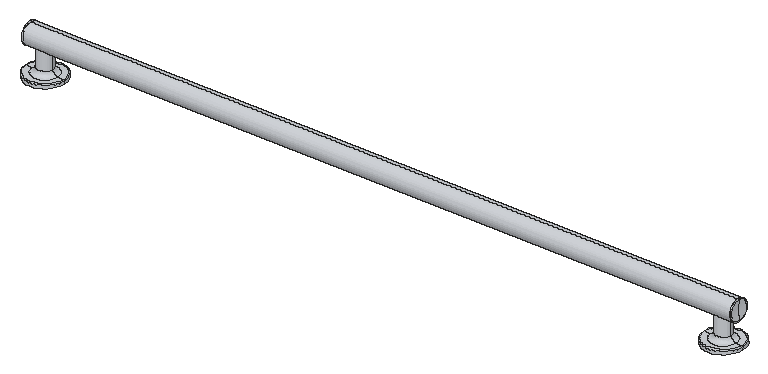
Revit family "Accessory-Grab_Bars-KOHLER-Purist-K-11896", category Generic Models, host Face, Revit 2015
Parameters (values of type "S-Polished Stainless")
  Width = 2 7/16"  # constant formula
  URL = "https://www.us.kohler.com/us/"
  Type = 1
  Product Page URL = "http://www.us.kohler.com/us/catalog/productDetails.jsp?productNumber=11896"
  Product Name = "Purist"  # constant formula
  Product Documentation Link = "http://www.us.kohler.com/onlinecatalog/pdf/K-11896_spec.pdf"
  Model = if(Type = 1, "K-11896-S", if(Type = 2, "K-11896-SN", if(Type = 3, "K-11896-BN", if(Type = 4, "K-11896-BS", if(Type = 5, "K-11896-BV", if(Type = 6, "K-11896-TT", "NA"))))))  # "K-11896-S"
  Material = "Premium Metal Construction"  # constant formula
  MasterFormat 2004 = "10.28.13"  # constant formula
  MasterFormat 1995 = "10820"  # constant formula
  Manufacturer Address = "444 Highland Dr, Kohler, WI 53044"  # constant formula
  Manufacturer = "KOHLER Co."  # constant formula
  Length = 44 103/256"  # constant formula
  Height = 2 3/4"  # constant formula
  Finish = Kohler-Metal-S-Polished_Stainless
  Environmental Product Declaration = ""
  Description = "42inch grab bar"  # constant formula
  Default Elevation = 42"
  Declare Label = ""
  Date Modified = "2/2/2018"  # constant formula
  Date Created = "2/2/2018"  # constant formula
  Copyright = "Copyright KOHLER Co."  # constant formula
  Contact Us = "https://www.us.kohler.com/us/static/contact.jsp"
  Assembly Code = "C1030200"
  ADA = yes
Types (7): name | Type | Model | Finish
  (no name) | 1 | "K-11896-S" | Kohler-Metal-S-Polished_Stainless
  S-Polished Stainless | 1 | "K-11896-S" | Kohler-Metal-S-Polished_Stainless
  SN-Vibrant Polished Nickel | 2 | "K-11896-SN" | Kohler-Metal-SN-Vibrant_Polished_Nickel
  BN-Vibrant Brushed Nickel | 3 | "K-11896-BN" | Kohler-Metal-BN-Vibrant_Brushed_Nickel
  BS-Brushed Stainless | 4 | "K-11896-BS" | Kohler-Metal-BS-Brushed_Stainless
  BV-Vibrant Brushed Bronze | 5 | "K-11896-BV" | Kohler-Metal-BV-Brushed_Bronze
  TT-Vibrant Titanium | 6 | "K-11896-TT" | Kohler-Metal-TT-Vibrant_Titanium
Reference planes (in)
  plane 1 "Center (Front/Back)": y = 0
  plane 2: z = 0
  plane 3 "Center (Left/Right)": x = 0
  plane 4: y = -1.21641
  plane 5: y = 1.22109
  plane 6: x = -22.20081
  plane 7: z = 2.75
  plane 8: x = 22.20154
Dimensions and locks (in)
  "Width": plane 4 to plane 5
  "Height": plane 7 to level
  "Length": plane 6 to plane 8
  aligned and locked: plane 2 to host face
  aligned and locked: level to host face
Automatic sketch dimensions
  host sketch curve to host sketch curve = 96"  (x2)
Nested families (in)
  nested 1: "K-11896" at (0, 0, 0), type "K-11896"
    with Half Length2 21 29/32", Half Length 21"
Definition of nested family "K-11896"
  Parameters (values of type "K-11891")
    Material = none
    Half Length2 = Half Length + 29/32"  # 6 29/32"
    Half Length = 6"
  Reference planes (in)
    plane 1 "Center (Front/Back)": y = 0
    plane 2: z = 0
    plane 3 "Center (Left/Right)": x = 0
  Forms (in)
    Revolve 1, solid, material <- "Material"
      sketch origin (0, 0, 0) x (1, 0, 0) y (0, 0, 1)
        loop
          line (-6, 0) -> (-6, 1.70188) -> (-6.45669, 1.70188) -> (-6.45669, 0.54668)
          arc (-6.45669, 0.54668) -> (-6.54762, 0.32715) -> (-6.76715, 0.23622) r 0.31046
          line (-6.76715, 0.23622) -> (-7.1536, 0.23622)
          arc (-7.1536, 0.23622) -> (-7.18697, 0.2224) -> (-7.20079, 0.18903) r 0.04719
          line (-7.20079, 0.18903) -> (-7.20079, 0) -> (-6, 0)
        axis (-6, 1.70188) -> (-6, 0)
      angle from 0 to 360
    Revolve 2, solid, material <- "Material"
      sketch origin (0, 0, 0) x (-1, 0, 0) y (0, 0, 1)
        loop
          line (-6, 0) -> (-6, 1.70188) -> (-6.45669, 1.70188) -> (-6.45669, 0.54668)
          arc (-6.45669, 0.54668) -> (-6.54762, 0.32715) -> (-6.76715, 0.23622) r 0.31046
          line (-6.76715, 0.23622) -> (-7.1536, 0.23622)
          arc (-7.1536, 0.23622) -> (-7.18697, 0.2224) -> (-7.20079, 0.18903) r 0.04719
          line (-7.20079, 0.18903) -> (-7.20079, 0) -> (-6, 0)
        axis (-6, 1.70188) -> (-6, 0)
      angle from 0 to 360
    Revolve 3, solid, material <- "Material"
      sketch origin (0, 0, 0.05664) x (1, 0, 0) y (0, 0, 1)
        loop
          line (-6.88912, 2.69291) -> (-6.88912, 2.66186)
          arc (-6.88912, 2.66186) -> (-6.91972, 2.697) -> (-6.95175, 2.66316) r 0.03147
          arc (-6.95175, 2.66316) -> (-6.91764, 2.36394) -> (-6.90625, 2.06299) r 3.98071
          line (-6.90625, 2.06299) -> (6.90625, 2.06299)
          arc (6.90625, 2.06299) -> (6.91764, 2.36394) -> (6.95175, 2.66316) r 3.98071
          arc (6.95175, 2.66316) -> (6.91972, 2.697) -> (6.88912, 2.66186) r 0.03147
          line (6.88912, 2.66186) -> (6.88912, 2.69291) -> (-6.88912, 2.69291)
        axis (6.95175, 2.06299) -> (-6.95175, 2.06299)
      angle from 0 to 360
  Cuts and joins
    joined: Revolve 1, Revolve 2, Revolve 3
  Lines and regions (in)
    Masking region 1
      outline origin (0, 0, 0) x (0, 1, 0) y (0, 0, 1)
        loop
          line (-1.20079, 0) -> (1.20079, 0) -> (1.20079, 0.19081)
          arc (1.20079, 0.19081) -> (1.18749, 0.22292) -> (1.15538, 0.23622) r 0.04541
          line (1.15538, 0.23622) -> (0.76814, 0.23622)
          arc (0.76814, 0.23622) -> (0.54816, 0.32734) -> (0.45704, 0.54732) r 0.3111
          line (0.45704, 0.54732) -> (0.45704, 1.67888)
          arc (0.45704, 1.67888) -> (0, 2.75457) -> (-0.45704, 1.67888) r 0.63494
          line (-0.45704, 1.67888) -> (-0.45704, 0.54732)
          arc (-0.45704, 0.54732) -> (-0.54816, 0.32734) -> (-0.76814, 0.23622) r 0.3111
          line (-0.76814, 0.23622) -> (-1.15538, 0.23622)
          arc (-1.15538, 0.23622) -> (-1.18749, 0.22292) -> (-1.20079, 0.19081) r 0.04541
          line (-1.20079, 0.19081) -> (-1.20079, 0)
    Masking region 2
      outline origin (0, 0, 0) x (1, 0, 0) y (0, 0, 1)
        loop
          line (-7.20079, 0) -> (-4.79921, 0) -> (-4.79921, 0.1905)
          arc (-4.79921, 0.1905) -> (-4.81264, 0.22291) -> (-4.84504, 0.23633) r 0.04583
          line (-4.84504, 0.23633) -> (-5.23253, 0.23633)
          arc (-5.23253, 0.23633) -> (-5.45228, 0.32736) -> (-5.54331, 0.54711) r 0.31078
          line (-5.54331, 0.54711) -> (-5.54331, 1.48971) -> (5.54331, 1.48971) -> (5.54331, 0.54711)
          arc (5.54331, 0.54711) -> (5.45228, 0.32736) -> (5.23253, 0.23633) r 0.31078
          line (5.23253, 0.23633) -> (4.84504, 0.23633)
          arc (4.84504, 0.23633) -> (4.81264, 0.22291) -> (4.79921, 0.1905) r 0.04583
          line (4.79921, 0.1905) -> (4.79921, 0) -> (7.20079, 0) -> (7.20079, 0.1905)
          arc (7.20079, 0.1905) -> (7.18736, 0.22291) -> (7.15496, 0.23633) r 0.04583
          line (7.15496, 0.23633) -> (6.76747, 0.23633)
          arc (6.76747, 0.23633) -> (6.54772, 0.32736) -> (6.45669, 0.54711) r 0.31078
          line (6.45669, 0.54711) -> (6.45669, 1.48971) -> (6.88912, 1.48971) -> (6.88912, 1.52213)
          arc (6.88912, 1.52213) -> (6.91916, 1.49078) -> (6.95175, 1.51946) r 0.03137
          line (6.95175, 1.51946) -> (6.95175, 2.7198)
          arc (6.95175, 2.7198) -> (6.91916, 2.74848) -> (6.88912, 2.71714) r 0.03137
          line (6.88912, 2.71714) -> (6.88912, 2.74955) -> (-6.88912, 2.74955) -> (-6.88912, 2.71714)
          arc (-6.88912, 2.71714) -> (-6.91916, 2.74848) -> (-6.95175, 2.7198) r 0.03137
          line (-6.95175, 2.7198) -> (-6.95175, 1.51946)
          arc (-6.95175, 1.51946) -> (-6.91916, 1.49078) -> (-6.88912, 1.52213) r 0.03137
          line (-6.88912, 1.52213) -> (-6.88912, 1.48971) -> (-6.45669, 1.48971) -> (-6.45669, 0.54711)
          arc (-6.45669, 0.54711) -> (-6.54772, 0.32736) -> (-6.76747, 0.23633) r 0.31078
          line (-6.76747, 0.23633) -> (-7.15496, 0.23633)
          arc (-7.15496, 0.23633) -> (-7.18736, 0.22291) -> (-7.20079, 0.1905) r 0.04583
          line (-7.20079, 0.1905) -> (-7.20079, 0)
    Masking region 3
      outline origin (0, 0, 0) x (1, 0, 0) y (0, 1, 0)
        loop
          line (-4.9777, -0.62992) -> (4.9777, -0.62992)
          arc (4.9777, -0.62992) -> (7.20079, 0) -> (4.9777, 0.62992) r 1.20079
          line (4.9777, 0.62992) -> (-4.9777, 0.62992)
          arc (-4.9777, 0.62992) -> (-7.20079, 0) -> (-4.9777, -0.62992) r 1.20079
    symbolic lines, detail levels medium+fine
      curve 1: line (0, 0.76814, 0.23622) -> (0, -0.76814, 0.23622)
      curve 2: arc (0, 0.45704, 1.67888) -> (0, 0, 1.48786) -> (0, -0.45704, 1.67888) r 0.64227
      curve 3: line (-5.54331, 0, 1.48971) -> (-6.45669, 0, 1.48971)
      curve 4: line (-6.88912, 0, 2.74955) -> (-6.88912, 0, 1.48971)
      curve 5: line (6.88912, 0, 2.74955) -> (6.88912, 0, 1.48971)
      curve 6: line (5.54331, 0, 1.48971) -> (6.45669, 0, 1.48971)
      curve 7: line (-6.76747, 0, 0.23633) -> (-5.23253, 0, 0.23633)
      curve 8: line (5.23253, 0, 0.23633) -> (6.76747, 0, 0.23633)
      curve 9: line (-6.88912, 0.62992, 0) -> (-6.88912, -0.62992, 0)
      curve 10: line (6.88912, 0.62992, 0) -> (6.88912, -0.62992, 0)
      curve 11: line (6.88912, 0.62992, 0) -> (4.9777, 0.62992, 0)
      curve 12: line (-6.88912, 0.62992, 0) -> (-4.9777, 0.62992, 0)
      curve 13: line (-6.95175, 0.60017, 0) -> (-6.95175, -0.60017, 0)
      curve 14: arc (-6.88912, 0.60017, 0) -> (-6.92044, 0.63148, 0) -> (-6.95175, 0.60017, 0) r 0.03131
      curve 15: arc (-6.95175, -0.60017, 0) -> (-6.91977, -0.63149, 0) -> (-6.88912, -0.59887, 0) r 0.03133
      curve 16: line (-6.88912, -0.62992, 0) -> (-4.9777, -0.62992, 0)
      curve 17: line (6.95175, 0.60017, 0) -> (6.95175, -0.60017, 0)
      curve 18: arc (6.88912, 0.60017, 0) -> (6.92044, 0.63148, 0) -> (6.95175, 0.60017, 0) r 0.03131
      curve 19: arc (6.95175, -0.60017, 0) -> (6.91977, -0.63149, 0) -> (6.88912, -0.59887, 0) r 0.03133
      curve 20: line (6.88912, -0.62992, 0) -> (4.9777, -0.62992, 0)
  Dimensions and locks (in)
    "Half Length": Revolve 1 sketch curve to plane 3 "Center (Left/Right)"
    "Half Length": plane 3 "Center (Left/Right)" to Revolve 2 sketch curve
    "Half Length2": plane 3 "Center (Left/Right)" to Revolve 3 sketch curve
    equal spacing: Revolve 3 sketch curve, plane 3 "Center (Left/Right)", Revolve 3 sketch curve
    aligned and locked: plane 2 to level
    aligned and locked: Masking region 2 sketch curve to cut or joined group of Revolve 1, Revolve 2, Revolve 3  (x7)
    aligned and locked: curve 4 to cut or joined group of Revolve 1, Revolve 2, Revolve 3
    aligned and locked: curve 5 to cut or joined group of Revolve 1, Revolve 2, Revolve 3
    aligned and locked: curve 7 to Masking region 2  (x2)
    aligned and locked: curve 8 to Masking region 2  (x2)
    aligned and locked: Masking region 3 sketch curve to cut or joined group of Revolve 1, Revolve 2, Revolve 3  (x2)
    aligned and locked: curve 9 to cut or joined group of Revolve 1, Revolve 2, Revolve 3
    aligned and locked: curve 10 to cut or joined group of Revolve 1, Revolve 2, Revolve 3
    aligned and locked: curve 11 to Masking region 3
    aligned and locked: curve 12 to Masking region 3
    aligned and locked: curve 13 to cut or joined group of Revolve 1, Revolve 2, Revolve 3
  Automatic sketch dimensions
    Revolve 2 sketch curve to level = 0"  (x2)
    Revolve 2 sketch curve to Revolve 2 sketch curve = 0.04719"
    Revolve 2 sketch curve to Revolve 2 sketch curve = 0.38645"
    Revolve 2 sketch curve to Revolve 2 sketch curve = 0.31046"
    Revolve 2 sketch curve to Revolve 2 sketch curve = 0.45669"
    Revolve 2 sketch curve to Revolve 2 sketch curve = 0.18903"
    Revolve 2 sketch curve to Revolve 2 sketch curve = 1.1552"
    Revolve 2 sketch curve to Revolve 2 sketch curve = 0"
    level to Revolve 2 sketch curve = 0.66718"
    Revolve 1 sketch curve to level = 0"  (x2)
    Revolve 1 sketch curve to Revolve 1 sketch curve = 0.45669"
    level to Revolve 1 sketch curve = 0.23622"
    Revolve 1 sketch curve to Revolve 1 sketch curve = 0.31046"
    Revolve 1 sketch curve to Revolve 1 sketch curve = 0.38645"
    Revolve 1 sketch curve to Revolve 1 sketch curve = 0.04719"
    Revolve 1 sketch curve to Revolve 1 sketch curve = 1.1552"
    Revolve 1 sketch curve to Revolve 1 sketch curve = 0"
    Revolve 1 sketch curve to level = 0.66718"
    level to Revolve 3 sketch curve = 2.11963"
    level to Revolve 3 sketch curve = 2.72218"
    Revolve 3 sketch curve to Revolve 3 sketch curve = 3.96659"
    Revolve 3 sketch curve to Revolve 3 sketch curve = 0.01413"
    Revolve 3 sketch curve to Revolve 3 sketch curve = 1/32"  (x2)
    level to Revolve 3 sketch curve = 2.74955"
    Revolve 3 sketch curve to Revolve 3 sketch curve = 0.01713"
    Revolve 3 sketch curve to Revolve 3 sketch curve = 3.98071"
    Revolve 3 sketch curve to Revolve 3 sketch curve = 0.03106"  (x2)
    Revolve 3 sketch curve to Revolve 3 sketch curve = 0.00368"
    Revolve 3 sketch curve to Revolve 3 sketch curve = 1.92908"
    Revolve 3 sketch curve to Revolve 3 sketch curve = 0"  (x2)
    Masking region 1 sketch curve to level = 0"
    plane 1 "Center (Front/Back)" to Masking region 1 sketch curve = 117/256"
    Masking region 1 sketch curve to Masking region 1 sketch curve = 0.3111"  (x2)
    Masking region 1 sketch curve to Masking region 1 sketch curve = 0.38725"  (x2)
    Masking region 1 sketch curve to Masking region 1 sketch curve = 0.04541"  (x2)
    level to Masking region 1 sketch curve = 0.23622"
    Masking region 1 sketch curve to Masking region 1 sketch curve = 0.19081"
    Masking region 1 sketch curve to Masking region 1 sketch curve = 1.13156"
    Masking region 1 sketch curve to Masking region 1 sketch curve = 0"
    Masking region 1 sketch curve to Masking region 1 sketch curve = 0.44075"
    Masking region 1 sketch curve to plane 1 "Center (Front/Back)" = 0"
    curve 2 to plane 1 "Center (Front/Back)" = 0"
    level to curve 2 = 2.13013"
    plane 1 "Center (Front/Back)" to curve 2 = 117/256"
    level to curve 1 = 0.23622"
    plane 1 "Center (Front/Back)" to curve 1 = 0.76814"
    curve 1 to plane 1 "Center (Front/Back)" = 0.76814"
    curve 2 to plane 1 "Center (Front/Back)" = 117/256"
    curve 2 to curve 2 = 0.45125"
    Masking region 2 sketch curve to Masking region 2 sketch curve = 0.04583"  (x4)
    Masking region 2 sketch curve to Masking region 2 sketch curve = 1/32"  (x3)
    Masking region 2 sketch curve to Masking region 2 sketch curve = 0.03137"  (x4)
    level to Masking region 2 sketch curve = 0.23633"  (x2)
    Masking region 2 sketch curve to Masking region 2 sketch curve = 0.38749"  (x4)
    Masking region 2 sketch curve to Masking region 2 sketch curve = 0.91339"
    Masking region 2 sketch curve to Masking region 2 sketch curve = 0.31078"  (x2)
    Masking region 2 sketch curve to Masking region 2 sketch curve = 0.74409"
    Masking region 2 sketch curve to Masking region 2 sketch curve = 0.43243"
    Masking region 2 sketch curve to Masking region 2 sketch curve = 0"
    level to Masking region 2 sketch curve = 0.1905"  (x2)
    Masking region 2 sketch curve to Masking region 2 sketch curve = 0.9426"  (x3)
    Masking region 2 sketch curve to Masking region 2 sketch curve = 0.02975"  (x2)
    Masking region 2 sketch curve to Masking region 2 sketch curve = 1.19501"  (x2)
    Masking region 2 sketch curve to Masking region 2 sketch curve = 0.03242"
    curve 4 to curve 3 = 0.43243"
    curve 3 to curve 3 = 0.91339"
    curve 3 to curve 7 = 0.31078"
    curve 8 to curve 6 = 0.31078"
    curve 6 to curve 5 = 0.43243"
    curve 8 to curve 5 = 0.12165"
    curve 8 to curve 5 = 1.25338"
    curve 8 to curve 6 = 1.25338"
    curve 7 to curve 3 = 1.25338"
    curve 4 to curve 3 = 0"
    curve 4 to curve 4 = 1.25984"
    curve 5 to curve 5 = 1.25984"
    Masking region 3 sketch curve to plane 1 "Center (Front/Back)" = 0.62992"
    plane 1 "Center (Front/Back)" to Masking region 3 sketch curve = 0.62992"
    curve 15 to curve 15 = 0.0313"
    curve 10 to curve 19 = 0.0313"
    curve 18 to curve 18 = 0.03131"
    curve 18 to curve 10 = 0.02975"
    curve 13 to curve 9 = 0.02975"
    plane 1 "Center (Front/Back)" to curve 15 = 0.60017"
    plane 1 "Center (Front/Back)" to curve 17 = 0.60017"
    curve 16 to curve 15 = 0.03106"
    curve 9 to curve 16 = 1.91142"
    curve 12 to curve 16 = 0"
    plane 1 "Center (Front/Back)" to curve 20 = 0.62992"
    curve 20 to curve 10 = 1.91142"
    curve 11 to curve 20 = 0"
